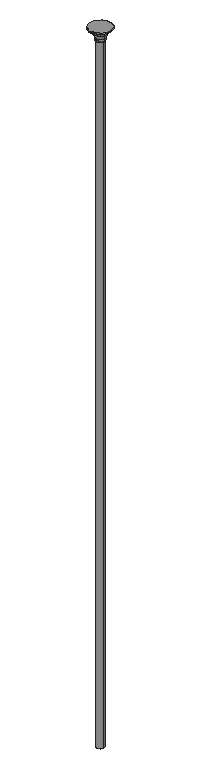
Revit family "ROTHOB_Rothoblaas_Screw_VGSA4", category Structural Connections, host Face, Revit 2022
Family settings
  Host = Face
  Material for Model Behavior = Steel
  OmniClass Number = 23.20.40.11.14.24
  OmniClass Title = Screws
  Enable cutting in views = Yes
  Cut with Voids When Loaded = No
  Shared = No
Parameters (values of type "11600_11x600mm")
  HeadType = "Countersunk head with ribs"  # constant formula
  HeadThickness_t1 = if(ModelNumberCode < 11000, 6.5000 mm, 8.2000 mm)  # 8.2000 mm
  H5 = 1.0000 mm  # constant formula
  H4 = if(ModelNumberCode < 11000, 5.0200 mm, 1.8000 mm)  # 1.8000 mm
  H3 = if(ModelNumberCode < 11000, 2.8585 mm, 3.7134 mm)  # 3.7134 mm
  H2 = if(ModelNumberCode < 11000, 1.7270 mm, 3.5721 mm)  # 3.5721 mm
  WarrantyStartDate [instance] = ""
  WarrantyGuarantorParts = "n/a"  # constant formula
  WarrantyGuarantorLabor = "n/a"  # constant formula
  WarrantyDurationUnit = "n/a"  # constant formula
  WarrantyDurationParts = "n/a"  # constant formula
  WarrantyDurationLabor = "n/a"  # constant formula
  WarrantyDescription = "n/a"  # constant formula
  Version = "001"  # constant formula
  UniClass2015Version = "Products v1.38"  # constant formula
  UniClass2015Title = "Self-tapping screws"  # constant formula
  UniClass2015Code = "Pr_20_29_76_75"  # constant formula
  UnderheadDiameter = if(ModelNumberCode < 11000, 6.5000 mm, 7.7000 mm)  # 7.7000 mm
  Tipo IFC predefinito = "USERDEFINED"  # constant formula
  TipLength = if(ModelNumberCode < 9270, 10.8235 mm, if(ModelNumberCode < 11050, 1.7146 mm, if(ModelNumberCode < 11290, 9.9216 mm, 1.8925 mm)))  # 1.8925 mm
  ThreadLength_b = if(ModelNumberCode = 9120, 110.0000 mm, if(ModelNumberCode = 9160, 150.0000 mm, if(ModelNumberCode = 9200, 190.0000 mm, if(ModelNumberCode = 9240, 230.0000 mm, if(ModelNumberCode = 9280, 270.0000 mm, if(ModelNumberCode = 9320, 310.0000 mm, if(ModelNumberCode = 9360, 350.0000 mm, if(ModelNumberCode = 11100, 90.0000 mm, if(ModelNumberCode = 11150, 140.0000 mm, if(ModelNumberCode = 11200, 190.0000 mm, if(ModelNumberCode = 11250, 240.0000 mm, if(ModelNumberCode = 11300, 290.0000 mm, if(ModelNumberCode = 11350, 340.0000 mm, if(ModelNumberCode = 11400, 390.0000 mm, if(ModelNumberCode = 11500, 490.0000 mm, if(ModelNumberCode = 11600, 590.0000 mm, 100.0000 mm))))))))))))))))  # 590.0000 mm
  ThreadDiameter_d2 = if(ModelNumberCode < 11000, 5.9000 mm, 6.6000 mm)  # 6.6000 mm
  SustainabilityPerformance = "n/a"  # constant formula
  Size = "11x600 mm"
  Shape = "Cylindrical"  # constant formula
  Revision = "000"  # constant formula
  ReplacementCost = "n/a"  # constant formula
  GTIN = "8059386076958"
  Default Elevation = 1219.2000 mm
  ProductInformation = "www.rothoblaas.com/products/new-products/vgs-a4"
  OmniClassVersion = "2012-05-16"  # constant formula
  OmniClassTitle = "Screws"  # constant formula
  OmniClassCode = "23.20.40.11.14.24"  # constant formula
  ObjectMaterial = ROTHOB_Rothoblaas_StainlessSteelAISI316
  NominalWidth = "n/a"  # constant formula
  NominalLength = InsertionLength_L  # 600.0000 mm
  NominalHeight = "n/a"  # constant formula
  NominalDiameter = NominalDiameter_d1  # 11.0000 mm
  NominalDiameter_d1 = if(ModelNumberCode < 11000, 9.0000 mm, 11.0000 mm)  # 11.0000 mm
  Name = "Screw"  # constant formula
  ModelReference = "n/a"  # constant formula
  ModelNumberCode = 11600
  ModelNumber = "VGS11600A4"
  ModelDisclaimer = "The latest version of the data sheets can be found on our website"  # constant formula
  MinWeight = "0.219 kg"
  Material = "A4 | AISI316 austenitic stainless steel (CRC III)"  # constant formula
  ManufacturerURL = "www.rothoblaas.com"
  ManufacturerName = "ROTHO BLAAS SRL"  # constant formula
  Manufacturer = "info@rothoblaas.com"
  Manufacturer = "info@rothoblaas.com"
  InstallationDate [instance] = ""
  InsertionLength_L = if(ModelNumberCode = 9120, 120.0000 mm, if(ModelNumberCode = 9160, 160.0000 mm, if(ModelNumberCode = 9200, 200.0000 mm, if(ModelNumberCode = 9240, 240.0000 mm, if(ModelNumberCode = 9280, 280.0000 mm, if(ModelNumberCode = 9320, 320.0000 mm, if(ModelNumberCode = 9360, 360.0000 mm, if(ModelNumberCode = 11100, 100.0000 mm, if(ModelNumberCode = 11150, 150.0000 mm, if(ModelNumberCode = 11200, 200.0000 mm, if(ModelNumberCode = 11250, 250.0000 mm, if(ModelNumberCode = 11300, 300.0000 mm, if(ModelNumberCode = 11350, 350.0000 mm, if(ModelNumberCode = 11400, 400.0000 mm, if(ModelNumberCode = 11500, 500.0000 mm, if(ModelNumberCode = 11600, 600.0000 mm, 100.0000 mm))))))))))))))))  # 600.0000 mm
  IfcExportType = "USERDEFINED"  # constant formula
  IfcExportAs = "IfcMechanicalFastenerType"  # constant formula
  ICC-ESTitle = "Rotho blaas self-tapping wood screws / Rotho Blaas Self-tapping Wood Screws"  # constant formula
  ICC-ESCode = "ESR-4645 / ELC-4645"  # constant formula
  H1 = 0.9145 mm  # constant formula
  InnerHeadDiameter = if(ModelNumberCode < 11000, 10.9250 mm, 10.5770 mm)  # 10.5770 mm
  HeadDiameter_dk = if(ModelNumberCode < 11000, 16.0000 mm, 19.3000 mm)  # 19.3000 mm
  HeadAngle = 90.000°  # constant formula
  Grade = "n/a"  # constant formula
  Finish = "Stainless steel"  # constant formula
  Features = "Self-tapping screws for timber constructions"  # constant formula
  ExpectedLife = "50"  # constant formula
  Esporta tipo in formato IFC con nome = "IfcMechanicalFastenerType"  # constant formula
  DurationUnit = "Years"  # constant formula
  Description = "Full thread connector with countersunk head"  # constant formula
  Description = "Full thread connector with countersunk head"  # constant formula
  Constituents = "n/a"  # constant formula
  Color = "Silver"  # constant formula
  CodePerformance = "CE - Construction products"  # constant formula
  Category = "Pr_20_29_76_75: Self-tapping screws"  # constant formula
  CETitle = "Rotho Blaas Self-tapping screws and threaded rods"  # constant formula
  CECode = "ETA-11/0030"  # constant formula
  BitType = if(NominalDiameter_d1 = 9.0000 mm, 40, 50)  # 50
  BIMObjectName = "ROTHOB_Rothoblaas_Screw_VGSA4"  # constant formula
  Author = "Augusto Meorali"  # constant formula
  AssetType = "Fixed"  # constant formula
  AccessibilityPerformance = "n/a"  # constant formula
Types (17, lengths in mm): name | HeadThickness_t1 | H4 | H3 | H2 | UnderheadDiameter | TipLength | ThreadLength_b | ThreadDiameter_d2 | Size | GTIN | NominalLength | NominalDiameter | NominalDiameter_d1 | ModelNumberCode | ModelNumber | MinWeight | InsertionLength_L | InnerHeadDiameter | HeadDiameter_dk | BitType
  (no name) | 8.2000 | 1.8000 | 3.7134 | 3.5721 | 7.7000 | 1.8925 | 590.0000 | 6.6000 | "11x600 mm" | "8059386076958" | 600.0000 | 11.0000 | 11.0000 | 11600 | "VGS11600A4" | "0.219 kg" | 600.0000 | 10.5770 | 19.3000 | 50
  9120_9x120mm | 6.5000 | 5.0200 | 2.8585 | 1.7270 | 6.5000 | 10.8235 | 110.0000 | 5.9000 | "9x120 mm" | "8059386076903" | 120.0000 | 9.0000 | 9.0000 | 9120 | "VGS9120A4" | "0.033 kg" | 120.0000 | 10.9250 | 16.0000 | 40
  11100_11x100mm | 8.2000 | 1.8000 | 3.7134 | 3.5721 | 7.7000 | 9.9216 | 90.0000 | 6.6000 | "11x100 mm" | "8059386077016" | 100.0000 | 11.0000 | 11.0000 | 11100 | "VGS11100A4" | "0.040 kg" | 100.0000 | 10.5770 | 19.3000 | 50
  9280_9x280mm | 6.5000 | 5.0200 | 2.8585 | 1.7270 | 6.5000 | 1.7146 | 270.0000 | 5.9000 | "9x280 mm" | "8059386077146" | 280.0000 | 9.0000 | 9.0000 | 9280 | "VGS9280A4" | "0.075 kg" | 280.0000 | 10.9250 | 16.0000 | 40
  9160_9x160mm | 6.5000 | 5.0200 | 2.8585 | 1.7270 | 6.5000 | 10.8235 | 150.0000 | 5.9000 | "9x160 mm" | "8059386076859" | 160.0000 | 9.0000 | 9.0000 | 9160 | "VGS9160A4" | "0.044 kg" | 160.0000 | 10.9250 | 16.0000 | 40
  9200_9x200mm | 6.5000 | 5.0200 | 2.8585 | 1.7270 | 6.5000 | 10.8235 | 190.0000 | 5.9000 | "9x200 mm" | "8059386077153" | 200.0000 | 9.0000 | 9.0000 | 9200 | "VGS9200A4" | "0.054 kg" | 200.0000 | 10.9250 | 16.0000 | 40
  9240_9x240mm | 6.5000 | 5.0200 | 2.8585 | 1.7270 | 6.5000 | 10.8235 | 230.0000 | 5.9000 | "9x240 mm" | "8059386076910" | 240.0000 | 9.0000 | 9.0000 | 9240 | "VGS9240A4" | "0.065 kg" | 240.0000 | 10.9250 | 16.0000 | 40
  9320_9x320mm | 6.5000 | 5.0200 | 2.8585 | 1.7270 | 6.5000 | 1.7146 | 310.0000 | 5.9000 | "9x320 mm" | "8059386076965" | 320.0000 | 9.0000 | 9.0000 | 9320 | "VGS9320A4" | "0.088 kg" | 320.0000 | 10.9250 | 16.0000 | 40
  9360_9x360mm | 6.5000 | 5.0200 | 2.8585 | 1.7270 | 6.5000 | 1.7146 | 350.0000 | 5.9000 | "9x360 mm" | "8059386077139" | 360.0000 | 9.0000 | 9.0000 | 9360 | "VGS9360A4" | "0.098 kg" | 360.0000 | 10.9250 | 16.0000 | 40
  11150_11x150mm | 8.2000 | 1.8000 | 3.7134 | 3.5721 | 7.7000 | 9.9216 | 140.0000 | 6.6000 | "11x150 mm" | "8059386077184" | 150.0000 | 11.0000 | 11.0000 | 11150 | "VGS11150A4" | "0.057 kg" | 150.0000 | 10.5770 | 19.3000 | 50
  11200_11x200mm | 8.2000 | 1.8000 | 3.7134 | 3.5721 | 7.7000 | 9.9216 | 190.0000 | 6.6000 | "11x200 mm" | "8059386076866" | 200.0000 | 11.0000 | 11.0000 | 11200 | "VGS11200A4" | "0.083 kg" | 200.0000 | 10.5770 | 19.3000 | 50
  11250_11x250mm | 8.2000 | 1.8000 | 3.7134 | 3.5721 | 7.7000 | 9.9216 | 240.0000 | 6.6000 | "11x250 mm" | "8059386077191" | 250.0000 | 11.0000 | 11.0000 | 11250 | "VGS11250A4" | "0.093 kg" | 250.0000 | 10.5770 | 19.3000 | 50
  11300_11x300mm | 8.2000 | 1.8000 | 3.7134 | 3.5721 | 7.7000 | 1.8925 | 290.0000 | 6.6000 | "11x300 mm" | "8059386076972" | 300.0000 | 11.0000 | 11.0000 | 11300 | "VGS11300A4" | "0.112 kg" | 300.0000 | 10.5770 | 19.3000 | 50
  11350_11x350mm | 8.2000 | 1.8000 | 3.7134 | 3.5721 | 7.7000 | 1.8925 | 340.0000 | 6.6000 | "11x350 mm" | "8059386076989" | 350.0000 | 11.0000 | 11.0000 | 11350 | "VGS11350A4" | "0.121 kg" | 350.0000 | 10.5770 | 19.3000 | 50
  11400_11x400mm | 8.2000 | 1.8000 | 3.7134 | 3.5721 | 7.7000 | 1.8925 | 390.0000 | 6.6000 | "11x400 mm" | "8059386076873" | 400.0000 | 11.0000 | 11.0000 | 11400 | "VGS11400A4" | "0.148 kg" | 400.0000 | 10.5770 | 19.3000 | 50
  11500_11x500mm | 8.2000 | 1.8000 | 3.7134 | 3.5721 | 7.7000 | 1.8925 | 490.0000 | 6.6000 | "11x500 mm" | "8059386076941" | 500.0000 | 11.0000 | 11.0000 | 11500 | "VGS11500A4" | "0.183 kg" | 500.0000 | 10.5770 | 19.3000 | 50
  11600_11x600mm | 8.2000 | 1.8000 | 3.7134 | 3.5721 | 7.7000 | 1.8925 | 590.0000 | 6.6000 | "11x600 mm" | "8059386076958" | 600.0000 | 11.0000 | 11.0000 | 11600 | "VGS11600A4" | "0.219 kg" | 600.0000 | 10.5770 | 19.3000 | 50
Reference planes
  plane 1 "Centro (Fronte/Retro)": y = 0
  plane 2: z = 0
  plane 3 "Centro (Sinistra/Destra)": x = 0
  plane 4: x = -3.3
  plane 5: x = 3.3
  plane 6: z = -0.915
  plane 7: z = -4.487
  plane 8: z = -8.2
  plane 9: z = -10
  plane 10: z = -11
  plane 11: z = -598.108
  plane 12: z = -600
Forms (mm)
  Extrusion 1, solid, material "ROTHOB_Rothoblaas_StainlessSteelAISI316" <- "ObjectMaterial"
    sketch origin (0, 0, 0) x (1, 0, 0) y (0, 1, 0)
      loop
        circle (0, 0) r 9.65
    from -0.915 to 0
  Extrusion 2, solid, material "ROTHOB_Rothoblaas_StainlessSteelAISI316" <- "ObjectMaterial"
    sketch origin (0, 0, 0) x (1, 0, 0) y (0, 1, 0)
      loop
        circle (0, 0) r 3.85
    from -10 to -8.2
  Blend 3, solid, material "ROTHOB_Rothoblaas_StainlessSteelAISI316" <- "ObjectMaterial"
    base sketch origin (0, 0, 0) x (1, 0, 0) y (0, 1, 0)
      loop
        circle (0, 0) r 3.3
    top sketch origin (0, 0, 0) x (1, 0, 0) y (0, 1, 0)
      loop
        circle (0, 0) r 3.85
    from -11 to -10
  Blend 4, solid, material "ROTHOB_Rothoblaas_StainlessSteelAISI316" <- "ObjectMaterial"
    base sketch origin (0, 0, 0) x (1, 0, 0) y (0, 1, 0)
      loop
        circle (0, 0) r 5.288
    top sketch origin (0, 0, 0) x (1, 0, 0) y (0, 1, 0)
      loop
        circle (0, 0) r 9.65
    from -4.487 to -0.915
  Blend 5, solid, material "ROTHOB_Rothoblaas_StainlessSteelAISI316" <- "ObjectMaterial"
    base sketch origin (0, 0, 0) x (1, 0, 0) y (0, 1, 0)
      loop
        circle (0, 0) r 3.85
    top sketch origin (0, 0, 0) x (1, 0, 0) y (0, 1, 0)
      loop
        circle (0, 0) r 5.288
    from -8.2 to -4.487
  Revolve 6, solid, material "ROTHOB_Rothoblaas_StainlessSteelAISI316" <- "ObjectMaterial"
    sketch origin (0, 0, 0) x (1, 0, 0) y (0, 0, 1)
      loop
        line (0, -11) -> (0, -600) -> (3.3, -598.107) -> (3.3, -11) -> (0, -11)
      axis (0, -11) -> (0, -600)
    angle from 0 to 360
Cuts and joins
  joined: Extrusion 1, Extrusion 2, Blend 3, Blend 4, Blend 5, Revolve 6
Dimensions and locks
  equal spacing: host sketch curve, plane 3 "Centro (Sinistra/Destra)", host sketch curve
  host sketch curve to host sketch curve = 50.0000 mm  (x2)
  equal spacing: host sketch curve, plane 1 "Centro (Fronte/Retro)", host sketch curve
  equal spacing: plane 4, plane 3 "Centro (Sinistra/Destra)", plane 5
  "ThreadDiameter_d2": plane 4 to plane 5
  "H1": level to plane 6
  "H2": plane 6 to plane 7
  "H3": plane 7 to plane 8
  "H4": plane 8 to plane 9
  "H5": plane 9 to plane 10
  "InsertionLength_L": level to plane 12
  "TipLength": plane 11 to plane 12
  "HeadDiameter_dk": diameter of Extrusion 1 sketch curve
  "UnderheadDiameter": diameter of Extrusion 2 sketch curve
  "ThreadDiameter_d2": diameter of Blend 3 sketch curve
  "UnderheadDiameter": diameter of Blend 3 sketch curve
  "InnerHeadDiameter": diameter of Blend 4 sketch curve
  "HeadDiameter_dk": diameter of Blend 4 sketch curve
  "UnderheadDiameter": diameter of Blend 5 sketch curve
  "InnerHeadDiameter": diameter of Blend 5 sketch curve
  aligned and locked: plane 2 to host face
  aligned and locked: level to host face
  aligned and locked: plane 3 "Centro (Sinistra/Destra)" to Extrusion 1 sketch curve
  aligned and locked: plane 1 "Centro (Fronte/Retro)" to Extrusion 1 sketch curve
  aligned and locked: Extrusion 1 to plane 6
  aligned and locked: level to Extrusion 1
  aligned and locked: plane 1 "Centro (Fronte/Retro)" to Extrusion 2 sketch curve
  aligned and locked: plane 3 "Centro (Sinistra/Destra)" to Extrusion 2 sketch curve
  aligned and locked: Extrusion 2 to plane 9
  aligned and locked: plane 8 to Extrusion 2
  aligned and locked: plane 3 "Centro (Sinistra/Destra)" to Blend 3 sketch curve  (x2)
  aligned and locked: plane 1 "Centro (Fronte/Retro)" to Blend 3 sketch curve  (x2)
  aligned and locked: Blend 3 to plane 10
  aligned and locked: plane 9 to Blend 3
  aligned and locked: plane 1 "Centro (Fronte/Retro)" to Blend 4 sketch curve  (x2)
  aligned and locked: plane 3 "Centro (Sinistra/Destra)" to Blend 4 sketch curve  (x2)
  aligned and locked: Blend 4 to plane 7
  aligned and locked: plane 6 to Blend 4
  aligned and locked: plane 3 "Centro (Sinistra/Destra)" to Blend 5 sketch curve  (x2)
  aligned and locked: plane 1 "Centro (Fronte/Retro)" to Blend 5 sketch curve  (x2)
  aligned and locked: Blend 5 to plane 8
  aligned and locked: plane 7 to Blend 5
  aligned and locked: plane 12 to Revolve 6 sketch curve
  aligned and locked: plane 11 to Revolve 6 sketch curve
  aligned and locked: Revolve 6 sketch curve to plane 10
  aligned and locked: plane 3 "Centro (Sinistra/Destra)" to Revolve 6 sketch curve
  aligned and locked: Revolve 6 sketch curve to plane 5
Automatic sketch dimensions
  Revolve 6 sketch curve to plane 3 "Centro (Sinistra/Destra)" = 0.0000 mm
  Revolve 6 sketch curve to Revolve 6 sketch curve = 489.6000 mm
  level to Revolve 6 sketch curve = 2609.0581 mm
